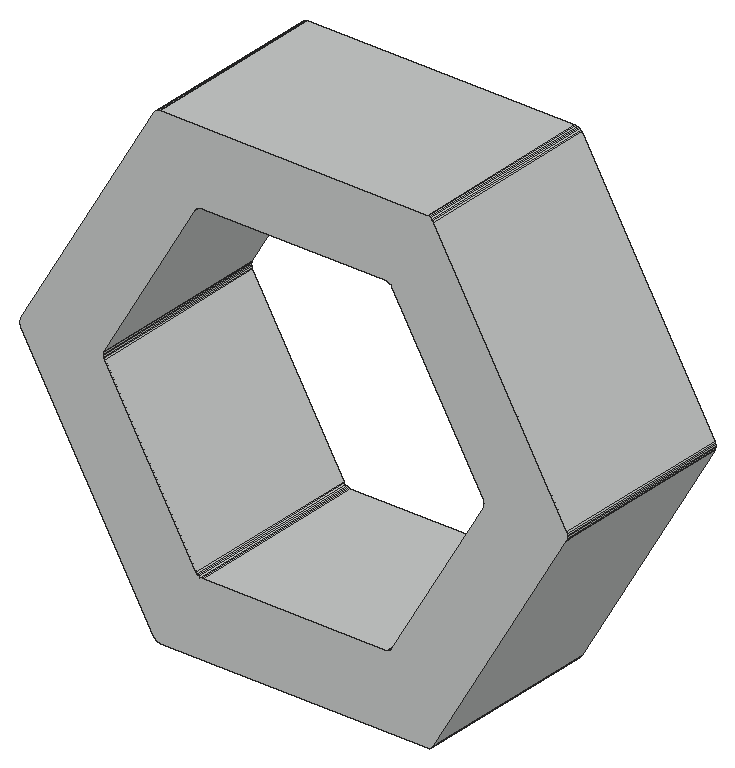
Revit family "DORSATA", category Curtain Panels, Revit 2019
Family settings
  OmniClass Number = 23.25.20.14.11.11.17
  OmniClass Title = Infill Panels
  Always vertical = Yes
  Cut with Voids When Loaded = No
  Shared = No
Parameters
  Material en Concreto = Concreto ladrillo
Reference planes (m)
  plane 1 "Centro (Frontal/Posterior)": y = 0
  plane 2: z = 0
  plane 3 "Centro (Izquierda/Derecha)": x = 0
  plane 4 "Izquierda": x = -1.5
  plane 5 "Derecha": x = 1.5
  plane 6 "Parte superior": z = 4
Forms (m)
  Extrusion 1, solid, material "Concreto ladrillo" <- "Material en Concreto"
    sketch origin (0.355625, 0, 0.246996) x (0, 0, -1) y (-1, 0, 0)
      loop
        line (-0.060921, 0.086811) -> (0.089313, 0.000073) -> (0.09004, -0.000249) -> (0.090887, -0.000452) -> (0.091796, -0.000521) -> (0.092705, -0.000452) -> (0.093552, -0.000249) -> (0.094279, 0.000073) -> (0.244513, 0.086811) -> (0.245155, 0.087279) -> (0.245754, 0.087911) -> (0.246269, 0.088664) -> (0.246663, 0.089486) -> (0.246911, 0.090321) -> (0.246996, 0.091112) -> (0.246996, 0.264586) -> (0.246911, 0.265377) -> (0.246663, 0.266212) -> (0.246269, 0.267034) -> (0.245754, 0.267786) -> (0.245155, 0.268419) -> (0.244513, 0.268887) -> (0.094279, 0.355625) -> (0.093552, 0.355947) -> (0.092705, 0.35615) -> (0.091796, 0.356219) -> (0.090887, 0.35615) -> (0.09004, 0.355947) -> (0.089313, 0.355625) -> (-0.060921, 0.268887) -> (-0.061564, 0.268419) -> (-0.062162, 0.267786) -> (-0.062677, 0.267034) -> (-0.063071, 0.266212) -> (-0.063319, 0.265377) -> (-0.063404, 0.264586) -> (-0.063404, 0.091112) -> (-0.063319, 0.090321) -> (-0.063071, 0.089486) -> (-0.062677, 0.088664) -> (-0.062162, 0.087911) -> (-0.061564, 0.087279) -> (-0.060921, 0.086811)
      loop
        line (-0.013731, 0.114031) -> (0.089292, 0.054551) -> (0.090025, 0.054226) -> (0.090879, 0.054022) -> (0.091796, 0.053952) -> (0.092712, 0.054022) -> (0.093567, 0.054226) -> (0.0943, 0.054551) -> (0.197323, 0.114031) -> (0.197971, 0.114504) -> (0.198575, 0.115142) -> (0.199094, 0.115901) -> (0.199492, 0.116729) -> (0.199742, 0.117571) -> (0.199827, 0.118369) -> (0.199827, 0.237329) -> (0.199742, 0.238127) -> (0.199492, 0.238969) -> (0.199094, 0.239797) -> (0.198575, 0.240556) -> (0.197971, 0.241194) -> (0.197323, 0.241666) -> (0.0943, 0.301147) -> (0.093567, 0.301472) -> (0.092712, 0.301676) -> (0.091796, 0.301746) -> (0.090879, 0.301676) -> (0.090025, 0.301472) -> (0.089292, 0.301147) -> (-0.013731, 0.241666) -> (-0.014379, 0.241194) -> (-0.014983, 0.240556) -> (-0.015502, 0.239797) -> (-0.0159, 0.238969) -> (-0.01615, 0.238127) -> (-0.016235, 0.237329) -> (-0.016235, 0.118369) -> (-0.01615, 0.117571) -> (-0.0159, 0.116729) -> (-0.015502, 0.115901) -> (-0.014983, 0.115142) -> (-0.014379, 0.114504) -> (-0.013731, 0.114031)
    from 0.12 to 0
Text (m)
  text "Exterior" at (-2.45384, 1.416179, 0), in view "Nivel de referencia"
  text "Exterior" at (0, 2.290741, 4.406713), in view "Izquierda"
  text "Exterior" at (0, 1.328187, 4.120349), in view "Derecha"
Dimensions and locks (m)
  equal spacing: plane 4 "Izquierda", plane 3 "Centro (Izquierda/Derecha)", plane 5 "Derecha"
  aligned and locked: level to plane 2
Automatic sketch dimensions
  level to Extrusion 1 sketch curve = 0.3104 m
  Extrusion 1 sketch curve to Extrusion 1 sketch curve = 0.000085 m  (x6)
  plane 3 "Centro (Izquierda/Derecha)" to Extrusion 1 sketch curve = 0.090247 m  (x2)
  Extrusion 1 sketch curve to Extrusion 1 sketch curve = 0.000248 m  (x4)
  plane 3 "Centro (Izquierda/Derecha)" to Extrusion 1 sketch curve = 0.089413 m  (x2)
  Extrusion 1 sketch curve to Extrusion 1 sketch curve = 0.000395 m  (x4)
  plane 3 "Centro (Izquierda/Derecha)" to Extrusion 1 sketch curve = 0.088591 m  (x2)
  plane 3 "Centro (Izquierda/Derecha)" to Extrusion 1 sketch curve = 0.087838 m  (x2)
  Extrusion 1 sketch curve to Extrusion 1 sketch curve = 0.000514 m  (x4)
  plane 3 "Centro (Izquierda/Derecha)" to Extrusion 1 sketch curve = 0.087206 m  (x2)
  Extrusion 1 sketch curve to Extrusion 1 sketch curve = 0.000599 m  (x4)
  Extrusion 1 sketch curve to Extrusion 1 sketch curve = 0.000643 m  (x4)
  plane 3 "Centro (Izquierda/Derecha)" to Extrusion 1 sketch curve = 0.086737 m  (x2)
  level to Extrusion 1 sketch curve = 0.157683 m  (x2)
  Extrusion 1 sketch curve to Extrusion 1 sketch curve = 0.000727 m  (x4)
  Extrusion 1 sketch curve to Extrusion 1 sketch curve = 0.000847 m  (x4)
  Extrusion 1 sketch curve to Extrusion 1 sketch curve = 0.000909 m  (x4)
  Extrusion 1 sketch curve to Extrusion 1 sketch curve = 0.150234 m  (x2)
  plane 3 "Centro (Izquierda/Derecha)" to Extrusion 1 sketch curve = 0.091038 m
  plane 3 "Centro (Izquierda/Derecha)" to Extrusion 1 sketch curve = 0.264513 m  (x2)
  Extrusion 1 sketch curve to Extrusion 1 sketch curve = 0.000791 m  (x3)
  Extrusion 1 sketch curve to Extrusion 1 sketch curve = 0.000835 m  (x2)
  Extrusion 1 sketch curve to Extrusion 1 sketch curve = 0.000822 m  (x2)
  Extrusion 1 sketch curve to Extrusion 1 sketch curve = 0.000753 m  (x2)
  Extrusion 1 sketch curve to Extrusion 1 sketch curve = 0.000632 m  (x2)
  Extrusion 1 sketch curve to Extrusion 1 sketch curve = 0.000469 m  (x2)
  Extrusion 1 sketch curve to Extrusion 1 sketch curve = 0.086737 m
  Extrusion 1 sketch curve to Extrusion 1 sketch curve = 0.000 m  (x3)
  Extrusion 1 sketch curve to Extrusion 1 sketch curve = 0.000322 m  (x4)
  Extrusion 1 sketch curve to Extrusion 1 sketch curve = 0.000203 m  (x4)
  Extrusion 1 sketch curve to Extrusion 1 sketch curve = 0.000069 m  (x2)
  Extrusion 1 sketch curve to plane 3 "Centro (Izquierda/Derecha)" = 0.000 m
  plane 3 "Centro (Izquierda/Derecha)" to Extrusion 1 sketch curve = 0.118295 m  (x2)
  Extrusion 1 sketch curve to Extrusion 1 sketch curve = 0.047169 m
  plane 3 "Centro (Izquierda/Derecha)" to Extrusion 1 sketch curve = 0.117498 m  (x2)
  plane 3 "Centro (Izquierda/Derecha)" to Extrusion 1 sketch curve = 0.116656 m  (x2)
  Extrusion 1 sketch curve to Extrusion 1 sketch curve = 0.00025 m  (x4)
  Extrusion 1 sketch curve to Extrusion 1 sketch curve = 0.000398 m  (x4)
  plane 3 "Centro (Izquierda/Derecha)" to Extrusion 1 sketch curve = 0.115827 m  (x2)
  plane 3 "Centro (Izquierda/Derecha)" to Extrusion 1 sketch curve = 0.115069 m  (x2)
  Extrusion 1 sketch curve to Extrusion 1 sketch curve = 0.000519 m  (x4)
  Extrusion 1 sketch curve to Extrusion 1 sketch curve = 0.000604 m  (x4)
  plane 3 "Centro (Izquierda/Derecha)" to Extrusion 1 sketch curve = 0.114431 m  (x2)
  plane 3 "Centro (Izquierda/Derecha)" to Extrusion 1 sketch curve = 0.113958 m  (x2)
  Extrusion 1 sketch curve to Extrusion 1 sketch curve = 0.000648 m  (x4)
  level to Extrusion 1 sketch curve = 0.157704 m  (x2)
  Extrusion 1 sketch curve to Extrusion 1 sketch curve = 0.000733 m  (x4)
  Extrusion 1 sketch curve to Extrusion 1 sketch curve = 0.000854 m  (x4)
  Extrusion 1 sketch curve to Extrusion 1 sketch curve = 0.000917 m  (x4)
  Extrusion 1 sketch curve to Extrusion 1 sketch curve = 0.04719 m  (x2)
  Extrusion 1 sketch curve to Extrusion 1 sketch curve = 0.053879 m
  Extrusion 1 sketch curve to Extrusion 1 sketch curve = 0.00007 m  (x3)
  Extrusion 1 sketch curve to Extrusion 1 sketch curve = 0.000204 m  (x4)
  Extrusion 1 sketch curve to Extrusion 1 sketch curve = 0.000325 m  (x4)
  Extrusion 1 sketch curve to Extrusion 1 sketch curve = 0.027221 m  (x2)
  Extrusion 1 sketch curve to Extrusion 1 sketch curve = 0.000473 m  (x2)
  Extrusion 1 sketch curve to Extrusion 1 sketch curve = 0.000638 m  (x2)
  Extrusion 1 sketch curve to Extrusion 1 sketch curve = 0.000759 m  (x2)
  Extrusion 1 sketch curve to Extrusion 1 sketch curve = 0.000829 m  (x2)
  Extrusion 1 sketch curve to Extrusion 1 sketch curve = 0.000842 m  (x2)
  Extrusion 1 sketch curve to Extrusion 1 sketch curve = 0.000798 m  (x2)
  Extrusion 1 sketch curve to Extrusion 1 sketch curve = 0.054478 m
